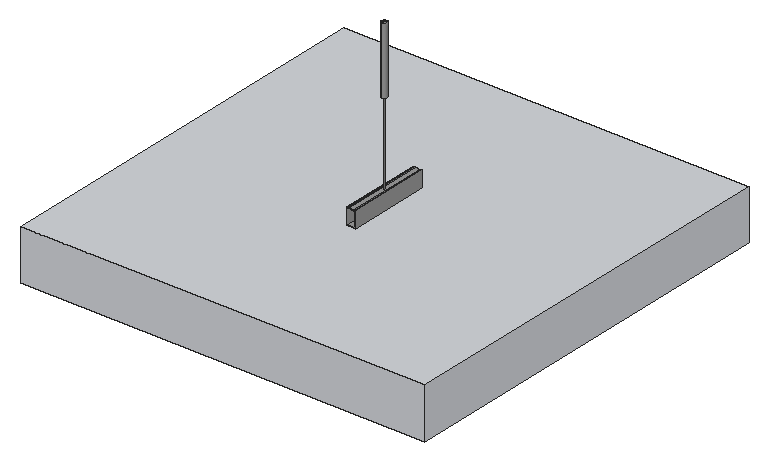
Revit family "LAMP_OCULT SYSTEM PENDULAR", category Luminarias, Revit 2015
Parameters (values of type "331LM 3000 FLOOD BLACK")
  Weight = 0.826 kg
  UGR = ""
  Type = "HIGH POWER CREE"
  Suspension mod. luz [instance] = if(Suspension height < 100 mm, 520 mm, if(Suspension height > 2000 mm, 2420 mm, Suspension height + 420 mm))  # 920 mm
  Suspension height [instance] = 500 mm
  Surface profile [instance] = not(Recessed profile)  # yes
  Recessed profile [instance] = no
  Protection rating = "IP20"
  Product datasheet = "http://www.lamp.es/product-files/TECH/OS1PV05FL830NBB-EN.pdf"
  Product code = "OS1PV05FL830NBB"
  Product URL = "https://www.lamp.es/en/family/ocult-system_367581"
  Power Supply = "220-240V 50/60Hz"
  Power = 4 W
  Plum = 6 W
  Photometric web file = Modelo pendular : 331LM 3000 FLOOD BLACK
  Modelo = Product code  # "OS1PV05FL830NBB"
  Model explanation = "Availability of changing profile version and height when placed in project."
  Material suspension = Panel de metal
  Material perfil = LAMP_Aluminio Ocult Pendular NG
  Manufacturer name = "LAMP"
  Manufacturer country = "Spain"
  Manufacturer URL = "http://www.lamp.es/en"
  MacAdam = "3"
  Luminaire type = "Pendular downlight"
  Last update = "14/06/2019"
  Lamp = "HIGH POWER LED"
  LED Lifetime = "50.000 L90"
  Insulation class = "I"
  Installation instructions = "https://www.lamp.es/product-files/INS/1004460-B%20INSTR.OCULT%20SYSTEM%20PENDULAR.pdf"
  Initial intensity = 331 lm
  Initial color = 3000 K
  IEE = "A+"
  Height = 400 mm
  Gear = "Electronic"
  Finish = "Texturised black RAL 9011"
  Fabricante = Manufacturer name  # "LAMP"
  Default Elevation = 1219.2 mm
  Profile suspension height [instance] = 1 mm
  Efficacy = 55.2 lm/W
  Diameter = 35 mm
  Descripción = "OCULT SYS. PEND.VERT. 500 WW FL BK/BK."
  Comentarios de tipo = Model explanation  # "Availability of changing profile version and height when placed in project."
  CRI = "80"
  Altura módulo luz [instance] = if(Surface profile, Profile suspension height + 94.5 mm, 0 mm)  # 95.5 mm
Types (8, lengths in mm): name | Product datasheet | Product code | Photometric web file | Modelo | Material perfil | Initial intensity | Initial color | Finish | Efficacy | Descripción
  331LM 3000 FLOOD BLACK | "http://www.lamp.es/product-files/TECH/OS1PV05FL830NBB-EN.pdf" | "OS1PV05FL830NBB" | Modelo pendular : 331LM 3000 FLOOD BLACK | "OS1PV05FL830NBB" | LAMP_Aluminio Ocult Pendular NG | 331 lm | 3000 K | "Texturised black RAL 9011" | 55.2 lm/W | "OCULT SYS. PEND.VERT. 500 WW FL BK/BK."
  331LM 3000 FLOOD WHITE | "http://www.lamp.es/product-files/TECH/OS1PV05FL830NBW-EN.pdf" | "OS1PV05FL830NBW" | Modelo pendular : 331LM 3000 FLOOD WHITE | "OS1PV05FL830NBW" | LAMP_Aluminio Ocult Pendular BL | 331 lm | 3000 K | "Texturised matt white" | 55.2 lm/W | "OCULT SYS. PEND.VERT. 500 WW FL BK/WH."
  349LM 4000 FLOOD BLACK | "http://www.lamp.es/product-files/TECH/OS1PV05FL840NBB-EN.pdf" | "OS1PV05FL840NBB" | Modelo pendular : 349LM 4000 FLOOD BLACK | "OS1PV05FL840NBB" | LAMP_Aluminio Ocult Pendular NG | 349 lm | 4000 K | "Texturised black RAL 9011" | 58.2 lm/W | "OCULT SYS. PEND.VERT. 500 NW FL BK/BK."
  349LM 4000 FLOOD WHITE | "http://www.lamp.es/product-files/TECH/OS1PV05FL840NBW-EN.pdf" | "OS1PV05FL840NBW" | Modelo pendular : 349LM 4000 FLOOD WHITE | "OS1PV05FL840NBW" | LAMP_Aluminio Ocult Pendular BL | 349 lm | 4000 K | "Texturised matt white" | 58.2 lm/W | "OCULT SYS. PEND.VERT. 500 NW FL BK/WH."
  414LM 3000 SPOT BLACK | "http://www.lamp.es/product-files/TECH/OS1PV05SP830NBB-EN.pdf" | "OS1PV05SP830NBB" | Modelo pendular : 414LM 3000 SPOT BLACK | "OS1PV05SP830NBB" | LAMP_Aluminio Ocult Pendular NG | 414 lm | 3000 K | "Texturised black RAL 9011" | 69 lm/W | "OCULT SYS. PEND.VERT. 500 WW SP BK/BK."
  414LM 3000 SPOT WHITE | "http://www.lamp.es/product-files/TECH/OS1PV05SP830NBW-EN.pdf" | "OS1PV05SP830NBW" | Modelo pendular : 414LM 3000 SPOT WHITE | "OS1PV05SP830NBW" | LAMP_Aluminio Ocult Pendular BL | 414 lm | 3000 K | "Texturised matt white" | 69 lm/W | "OCULT SYS. PEND.VERT. 500 WW SP BK/WH."
  443LM 4000 SPOT BLACK | "http://www.lamp.es/product-files/TECH/OS1PV05SP840NBB-EN.pdf" | "OS1PV05SP840NBB" | Modelo pendular : 443LM 4000 SPOT BLACK | "OS1PV05SP840NBB" | LAMP_Aluminio Ocult Pendular NG | 443 lm | 4000 K | "Texturised black RAL 9011" | 73.9 lm/W | "OCULT SYS. PEND.VERT. 500 NW SP BK/BK."
  443LM 4000 SPOT WHITE | "http://www.lamp.es/product-files/TECH/OS1PV05SP840NBW-EN.pdf" | "OS1PV05SP840NBW" | Modelo pendular : 443LM 4000 SPOT WHITE | "OS1PV05SP840NBW" | LAMP_Aluminio Ocult Pendular BL | 443 lm | 4000 K | "Texturised matt white" | 73.9 lm/W | "OCULT SYS. PEND.VERT. 500 NW SP BK/WH."
Reference planes
  plane 1 "Centro (Frontal/Posterior)": y = 0
  plane 2: z = 0
  plane 3 "Centro (Izquierda/Derecha)": x = 0
  plane 4: z = 1
Forms (mm)
  Extrusion 1, solid
    sketch origin (0, 0, 0) x (1, 0, 0) y (0, 1, 0)
      loop
        line (-1219.2, 1219.2) -> (-1219.2, -1219.2) -> (1219.2, -1219.2) -> (1219.2, 1219.2) -> (-1219.2, 1219.2)
    from 0 to -304.8
  Extrusion 2, solid, material "LAMP_Aluminio Ocult Pendular NG" <- "Material perfil", visible <- "Recessed profile"
    sketch origin (0, 0, 0) x (1, 0, 0) y (0, 0, 1)
      loop
        line (-32, 0) -> (-26.5, 0) -> (-26.5, -94.3) -> (0, -94.3) -> (26.5, -94.3) -> (26.5, 0) -> (32, 0) -> (32, 1.7) -> (17, 1.7) -> (17, 0) -> (24.8, 0) -> (24.8, -92.6) -> (0, -92.6) -> (-24.8, -92.6) -> (-24.8, 0) -> (-16.9, 0) -> (-16.9, 1.7) -> (-32, 1.7) -> (-32, 0)
    from -250 to 250
  Extrusion 3, solid, material "LAMP_Aluminio Ocult Pendular NG" <- "Material perfil", visible <- "Surface profile"
    sketch origin (0, 0, 0) x (1, 0, 0) y (0, 0, 1)
      loop
        line (-26.5, 1) -> (26.5, 1) -> (26.5, 97) -> (17, 97) -> (17, 95.3) -> (24.8, 95.3) -> (24.8, 2.7) -> (-24.8, 2.7) -> (-24.8, 95.3) -> (-16.9, 95.3) -> (-16.9, 97) -> (-26.5, 97) -> (-26.5, 1)
    from -250 to 250
  Revolve 4, solid, material "Panel de metal" <- "Material suspension", visible <- "Surface profile"
    sketch origin (0, 0, 0) x (1, 0, 0) y (0, 0, 1)
      loop
        line (0, 1) -> (0, 0) -> (2.5, 0) -> (2.5, 1) -> (0, 1)
      axis (0, 1) -> (0, 0)
    angle from 0 to 360
Text (mm)
  text "Any modification of the parameters and properties of the LAMP BIM models must be executed and validated by the LAMP technical department.\n\nPhone: +34 93 736 68 00\n\nE-mail: lamp@lamp.es\n\n\n\nLAMP reserves the right to modify the technical specifications of its products." at (13412.226, -16933.167, -15401.008), in view "Preview"
Dimensions and locks
  "Profile suspension height": plane 4 to Extrusion 1
  "Altura módulo luz": nested 1 to Extrusion 1
  aligned and locked: plane 2 to Extrusion 1
  aligned and locked: level to Extrusion 1
  aligned and locked: Extrusion 1 to Revolve 4 sketch curve
  aligned and locked: plane 4 to Revolve 4
  aligned and locked: Extrusion 3 sketch curve to plane 4
Automatic sketch dimensions
  Extrusion 1 sketch curve to Extrusion 1 sketch curve = 2438.4 mm  (x2)
  Revolve 4 sketch curve to plane 3 "Centro (Izquierda/Derecha)" = 0 mm  (x2)
  Revolve 4 sketch curve to plane 4 = 0 mm
  plane 3 "Centro (Izquierda/Derecha)" to Revolve 4 sketch curve = 2.5 mm
  Revolve 4 sketch curve to level = 609.6 mm
  Revolve 4 sketch curve to Revolve 4 sketch curve = 2555.127 mm
  Extrusion 3 sketch curve to plane 3 "Centro (Izquierda/Derecha)" = 26.5 mm
  Extrusion 3 sketch curve to Extrusion 3 sketch curve = 1.7 mm  (x4)
  Extrusion 3 sketch curve to Extrusion 3 sketch curve = 7.9 mm
  plane 3 "Centro (Izquierda/Derecha)" to Extrusion 3 sketch curve = 17 mm
  Extrusion 3 sketch curve to Extrusion 3 sketch curve = 7.8 mm
  plane 4 to Extrusion 3 sketch curve = 1.7 mm
  Extrusion 3 sketch curve to Extrusion 3 sketch curve = 92.6 mm
  Extrusion 3 sketch curve to Extrusion 3 sketch curve = 0 mm
  Extrusion 2 sketch curve to level = 0 mm  (x4)
  Extrusion 2 sketch curve to plane 3 "Centro (Izquierda/Derecha)" = 0 mm  (x2)
  Extrusion 2 sketch curve to plane 3 "Centro (Izquierda/Derecha)" = 16.9 mm
  Extrusion 2 sketch curve to Extrusion 2 sketch curve = 7.9 mm
  Extrusion 2 sketch curve to Extrusion 2 sketch curve = 1.7 mm  (x3)
  Extrusion 2 sketch curve to Extrusion 2 sketch curve = 5.5 mm  (x2)
  plane 3 "Centro (Izquierda/Derecha)" to Extrusion 2 sketch curve = 24.8 mm
  level to Extrusion 2 sketch curve = 1.7 mm  (x2)
  Extrusion 2 sketch curve to level = 92.6 mm
  Extrusion 2 sketch curve to Extrusion 2 sketch curve = 7.8 mm
Nested families
  nested 1: "Modelo pendular" at (0, 0, 2517) x (0, -1, 0) z (0, 0, -1), Distancia suspensión <- "Suspension mod. luz", type <- "Photometric web file", type "331LM 3000 FLOOD BLACK"
    with Distancia suspensión 920 mm
Connectors
  electrical at (0, 0, 1)
    settings: on Extrusion 3, index 1, voltage 230 V, apparent load 0 VA, apparent load phase1 0 VA, apparent load phase2 0 VA, apparent load phase3 0 VA, power factor 1, load classification "Otro", number of poles 1, system type 31, power factor state 1, is connector primary yes, connector utility no, sub classification motor no, connector description ""
Definition of nested family "Modelo pendular"
  Parameters (values of type "331LM 3000 FLOOD BLACK")
    Tilt Angle = 90.00°
    Wattage = 6 W
    built-in parameter 1150110 = 1 (stored number, unit not read)
    Material suspension = none
    Material cuerpo = none
    Material cristal = none
    Material COB = none
    built-in parameter 1114217 = 1 (stored number, unit not read)
    built-in parameter 1150109 = 1 (stored number, unit not read)
    Default Elevation = 1219.2 mm
    Distancia suspensión [instance] = 700 mm
    built-in parameter 1150134 = (empty or 0)
    built-in parameter 1150113 = 1 (stored number, unit not read)
    Lumens = 331.2 lm
    built-in parameter 1150115 = 1 (stored number, unit not read)
    built-in parameter 1150105 = 676.65 (stored number, unit not read)
    built-in parameter 1150137 = (empty or 0)
    built-in parameter 1150139 = (empty or 0)
    built-in parameter 1150112 = 1 (stored number, unit not read)
    built-in parameter 1150114 = 1 (stored number, unit not read)
    built-in parameter 1150132 = 2
    built-in parameter 1150102 = (empty or 0)
    built-in parameter 1150138 = (empty or 0)
    built-in parameter 1150107 = 3000 (stored number, unit not read)
    built-in parameter 1150106 = 6.7665 (stored number, unit not read)
    built-in parameter 1150104 = 5.1282 (stored number, unit not read)
    Dimming Lamp Color Temperature Shift = (empty or 0)
    Color Filter = 16777215
    built-in parameter 1114218 = 1 (stored number, unit not read)
    Photometric Web File = "OS1PV05FL830NBB.IES"
    built-in parameter 1150133 = 10 (stored number, unit not read)
  Types (9, lengths in mm): name | built-in parameter 1150134 | Lumens | built-in parameter 1150105 | built-in parameter 1150107 | built-in parameter 1150106 | built-in parameter 1150104 | Photometric Web File
    (no name) | (empty or 0) | 331.2 lm | 676.65 (stored number, unit not read) | 3000 (stored number, unit not read) | 6.7665 (stored number, unit not read) | 5.1282 (stored number, unit not read) | "OS1PV05FL830NBB.IES"
    331LM 3000 FLOOD BLACK | (empty or 0) | 331.2 lm | 676.65 (stored number, unit not read) | 3000 (stored number, unit not read) | 6.7665 (stored number, unit not read) | 5.1282 (stored number, unit not read) | "OS1PV05FL830NBB.IES"
    331LM 3000 FLOOD WHITE | (empty or 0) | 331.2 lm | 676.65 (stored number, unit not read) | 3000 (stored number, unit not read) | 6.7665 (stored number, unit not read) | 5.1282 (stored number, unit not read) | "OS1PV05FL830NBW.IES"
    349LM 4000 FLOOD BLACK | 12 | 349.2 lm | 713.42 (stored number, unit not read) | 4000 (stored number, unit not read) | 7.1342 (stored number, unit not read) | 5.407 (stored number, unit not read) | "OS1PV05FL840NBB.IES"
    349LM 4000 FLOOD WHITE | 12 | 349.2 lm | 713.42 (stored number, unit not read) | 4000 (stored number, unit not read) | 7.1342 (stored number, unit not read) | 5.407 (stored number, unit not read) | "OS1PV05FL840NBW.IES"
    414LM 3000 SPOT BLACK | (empty or 0) | 414 lm | 845.82 (stored number, unit not read) | 3000 (stored number, unit not read) | 8.4582 (stored number, unit not read) | 6.4103 (stored number, unit not read) | "OS1PV05SP830NBB.IES"
    414LM 3000 SPOT WHITE | (empty or 0) | 414 lm | 845.82 (stored number, unit not read) | 3000 (stored number, unit not read) | 8.4582 (stored number, unit not read) | 6.4103 (stored number, unit not read) | "OS1PV05SP830NBW.IES"
    443LM 4000 SPOT BLACK | 12 | 443.4 lm | 3288.2 (stored number, unit not read) | 4000 (stored number, unit not read) | 32.882 (stored number, unit not read) | 6.8655 (stored number, unit not read) | "OS1PV05SP840NBB.IES"
    443LM 4000 SPOT WHITE | 12 | 443.4 lm | 3288.2 (stored number, unit not read) | 4000 (stored number, unit not read) | 32.882 (stored number, unit not read) | 6.8655 (stored number, unit not read) | "OS1PV05SP840NBW.IES"
  Reference planes
    plane 1 "Eje de origen de luz (F/P)": y = 0
    plane 2: z = 0
    plane 3 "Eje de origen de luz (I/D)": x = 0
    plane 4 "Elevación de origen de luz": z = 1500
    plane 5: z = 2200
  Forms (mm)
    Revolve 1, solid, material <- "Material cuerpo"
      sketch origin (0, 0, 0) x (1, 0, 0) y (0, 0, 1)
        loop
          line (14.8, 1520) -> (17.5, 1520) -> (17.5, 1920) -> (0, 1920) -> (0, 1535.9) -> (10, 1535.9) -> (10.8, 1523.7) -> (11.85, 1523.7) -> (11.85, 1525) -> (12.95, 1525) -> (14.8, 1520)
        axis (0, 1920) -> (0, 1520)
      angle from 0 to 360
    Revolve 2, void
      sketch origin (0, 0, 0) x (1, 0, 0) y (0, 0, 1)
        loop
          line (0, 1535.9) -> (10, 1535.9) -> (10, 1538.9) -> (0, 1538.9) -> (0, 1535.9)
        axis (0, 1538.9) -> (0, 1535.9)
      angle from 0 to 360
    Revolve 3, solid, material <- "Material cristal"
      sketch origin (0, 0, 0) x (1, 0, 0) y (0, 0, 1)
        loop
          line (0, 1535.9) -> (10, 1535.9) -> (10, 1536.9) -> (0, 1536.9) -> (0, 1535.9)
        axis (0, 1536.9) -> (0, 1535.9)
      angle from 0 to 360
    Revolve 4, solid, material <- "Material COB"
      sketch origin (0, 0, 0) x (1, 0, 0) y (0, 0, 1)
        loop
          line (0, 1536.9) -> (5, 1536.9) -> (5, 1537.9) -> (0, 1537.9) -> (0, 1536.9)
        axis (0, 1537.9) -> (0, 1536.9)
      angle from 0 to 360
    Revolve 5, solid, material <- "Material suspension"
      sketch origin (0, 0, 0) x (1, 0, 0) y (0, 0, 1)
        loop
          line (0, 1920) -> (2.5, 1920) -> (2.5, 2200) -> (0, 2200) -> (0, 1920)
        axis (0, 2200) -> (0, 1920)
      angle from 0 to 360
    Extrusion 6, solid, material <- "Material cuerpo"
      sketch origin (0, 0, 165) x (1, 0, 0) y (0, 0, 1)
        loop
          line (250, 2035) -> (250, 2036.5) -> (-250, 2036.5) -> (-250, 2035) -> (250, 2035)
      from -16.9 to 17
  Cuts and joins
    Revolve 2 cuts Revolve 1
  Dimensions and locks
    locked: Revolve 1 sketch curve to Revolve 1 sketch curve at 400
    "Distancia suspensión": plane 5 to plane 4 "Elevación de origen de luz"
    aligned and locked: plane 3 "Eje de origen de luz (I/D)" to imposter light
    aligned and locked: plane 1 "Eje de origen de luz (F/P)" to imposter light
    aligned and locked: plane 4 "Elevación de origen de luz" to imposter light
    aligned and locked: level to plane 2
    aligned and locked: Revolve 3 to Revolve 3
    aligned and locked: Revolve 3 to Revolve 4
    aligned and locked: cut or joined group of Revolve 1, Revolve 2 to Revolve 5
    aligned and locked: plane 5 to Revolve 5
    aligned and locked: Extrusion 6 sketch curve to plane 5
  Automatic sketch dimensions
    Revolve 1 sketch curve to plane 3 "Eje de origen de luz (I/D)" = 0 mm  (x2)
    plane 3 "Eje de origen de luz (I/D)" to Revolve 1 sketch curve = 10 mm
    plane 3 "Eje de origen de luz (I/D)" to Revolve 1 sketch curve = 10.8 mm
    Revolve 1 sketch curve to Revolve 1 sketch curve = 1.05 mm
    Revolve 1 sketch curve to Revolve 1 sketch curve = 1.1 mm
    Revolve 1 sketch curve to Revolve 1 sketch curve = 2.95 mm
    Revolve 1 sketch curve to Revolve 1 sketch curve = 2.7 mm
    Revolve 1 sketch curve to plane 4 "Elevación de origen de luz" = 20 mm
    Revolve 1 sketch curve to Revolve 1 sketch curve = 3.7 mm
    Revolve 1 sketch curve to Revolve 1 sketch curve = 1.3 mm
    Revolve 1 sketch curve to Revolve 1 sketch curve = 10.9 mm
    Revolve 1 sketch curve to level = 271.696 mm
    Revolve 1 sketch curve to Revolve 1 sketch curve = 166.726 mm
    Revolve 2 sketch curve to plane 3 "Eje de origen de luz (I/D)" = 0 mm  (x2)
    plane 3 "Eje de origen de luz (I/D)" to Revolve 2 sketch curve = 10 mm
    Revolve 2 sketch curve to plane 4 "Elevación de origen de luz" = 35.9 mm
    Revolve 2 sketch curve to Revolve 2 sketch curve = 3 mm
    Revolve 2 sketch curve to level = 271.696 mm
    Revolve 2 sketch curve to Revolve 2 sketch curve = 163.726 mm
    Revolve 3 sketch curve to plane 3 "Eje de origen de luz (I/D)" = 0 mm  (x2)
    plane 3 "Eje de origen de luz (I/D)" to Revolve 3 sketch curve = 10 mm
    Revolve 3 sketch curve to plane 4 "Elevación de origen de luz" = 35.9 mm
    Revolve 3 sketch curve to Revolve 3 sketch curve = 1 mm
    Revolve 3 sketch curve to level = 271.696 mm
    Revolve 3 sketch curve to Revolve 3 sketch curve = 165.726 mm
    Revolve 4 sketch curve to plane 3 "Eje de origen de luz (I/D)" = 0 mm  (x2)
    plane 3 "Eje de origen de luz (I/D)" to Revolve 4 sketch curve = 5 mm
    Revolve 4 sketch curve to plane 4 "Elevación de origen de luz" = 36.9 mm
    Revolve 4 sketch curve to Revolve 4 sketch curve = 1 mm
    Revolve 4 sketch curve to level = 271.696 mm
    Revolve 4 sketch curve to Revolve 4 sketch curve = 164.726 mm
    Revolve 5 sketch curve to plane 3 "Eje de origen de luz (I/D)" = 0 mm  (x2)
    Revolve 5 sketch curve to plane 5 = 0 mm
    plane 3 "Eje de origen de luz (I/D)" to Revolve 5 sketch curve = 2.5 mm
    Revolve 5 sketch curve to plane 5 = 280 mm
    Revolve 5 sketch curve to plane 4 "Elevación de origen de luz" = 202.626 mm
    Revolve 5 sketch curve to level = 271.696 mm
    plane 5 to Extrusion 6 sketch curve = 1.5 mm
    Extrusion 6 sketch curve to plane 3 "Eje de origen de luz (I/D)" = 250 mm
    plane 3 "Eje de origen de luz (I/D)" to Extrusion 6 sketch curve = 250 mm
